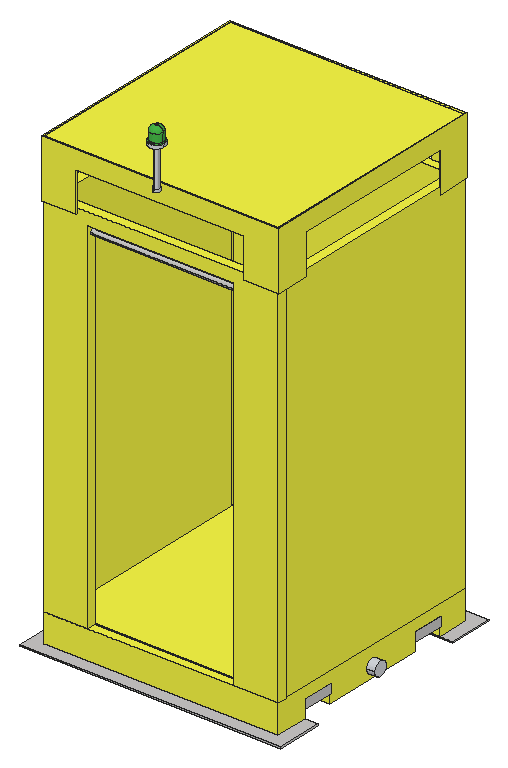
Revit family "Enclosed_Safety_Shower-Bradley_Corp-S19372", category Plumbing Fixtures, Revit 2018 (continued)
Connectors (in)
  piping at (8.125, -32.75, 0), diameter 3, driven by "Waste Water Connection Radius"
    settings: on Extrusion 10, index 10, connector inside diameter 3", connector length 0.00", flow factor 0, pipe flow 0 GPM, pressure drop 0.00 psi, fitting loss kfactor 0, connector angle 0.00°, fixture units 0, engagement length 0.00", angle of deflection 0.00°, flow configuration 0, flow direction 2, fitting loss method 0, system type 16, joint type 0, gender type 0, connector reference index -1, connector utility 0, adjustable connector no, is connector primary no, connector description ""
Definition of nested family "Beacon-Light"
  Parameters (values of type "Beacon-Light")
    Beacon Light - BG - Green [instance] = yes
    Beacon Light - BB - Blue [instance] = no
  Reference planes (in)
    plane 1 "Center (Front/Back)": y = 0
    plane 2 "B.O. Beacon": z = 0
    plane 3 "Center (Left/Right)": x = 0
    plane 4: x = -1.65
    plane 5: x = 1.65
  Forms (in)
    Revolve 1, solid, visible <- "Beacon Light - BB - Blue"
      sketch origin (0, 0, 0) x (1, 0, 0) y (0, 0, 1)
        loop
          arc (1.35826, 2.73833) -> (1.06245, 3.44005) -> (0.3583, 3.73) r 1
          line (0.3583, 3.73) -> (0, 3.73) -> (0, 0.73) -> (1.65, 0.73) -> (1.65, 0.83)
          arc (1.65, 0.83) -> (1.62071, 0.90071) -> (1.55, 0.93) r 0.1
          line (1.55, 0.93) -> (1.4725, 0.93)
          arc (1.4725, 0.93) -> (1.40209, 0.959) -> (1.37251, 1.02917) r 0.1
          line (1.37251, 1.02917) -> (1.35826, 2.73833)
        axis (0, 3.73) -> (0, 0.73)
      angle from 0 to 360
    Revolve 2, solid
      sketch origin (0, 0, 0) x (1, 0, 0) y (0, 0, 1)
        loop
          line (1.65, 0) -> (1.65, 0.73) -> (0, 0.73) -> (0, 0) -> (1.65, 0)
        axis (0, 0.73) -> (0, 0)
      angle from 0 to 360
    Revolve 3, solid, visible <- "Beacon Light - BG - Green"
      sketch origin (0, 0, 0) x (1, 0, 0) y (0, 0, 1)
        loop
          arc (1.35826, 2.73833) -> (1.06245, 3.44005) -> (0.3583, 3.73) r 1
          line (0.3583, 3.73) -> (0, 3.73) -> (0, 0.73) -> (1.65, 0.73) -> (1.65, 0.83)
          arc (1.65, 0.83) -> (1.62071, 0.90071) -> (1.55, 0.93) r 0.1
          line (1.55, 0.93) -> (1.4725, 0.93)
          arc (1.4725, 0.93) -> (1.40209, 0.959) -> (1.37251, 1.02917) r 0.1
          line (1.37251, 1.02917) -> (1.35826, 2.73833)
        axis (0, 3.73) -> (0, 0.73)
      angle from 0 to 360
  Dimensions and locks (in)
    aligned and locked: level to plane 2 "B.O. Beacon"
    aligned and locked: Revolve 1 sketch curve to plane 3 "Center (Left/Right)"
